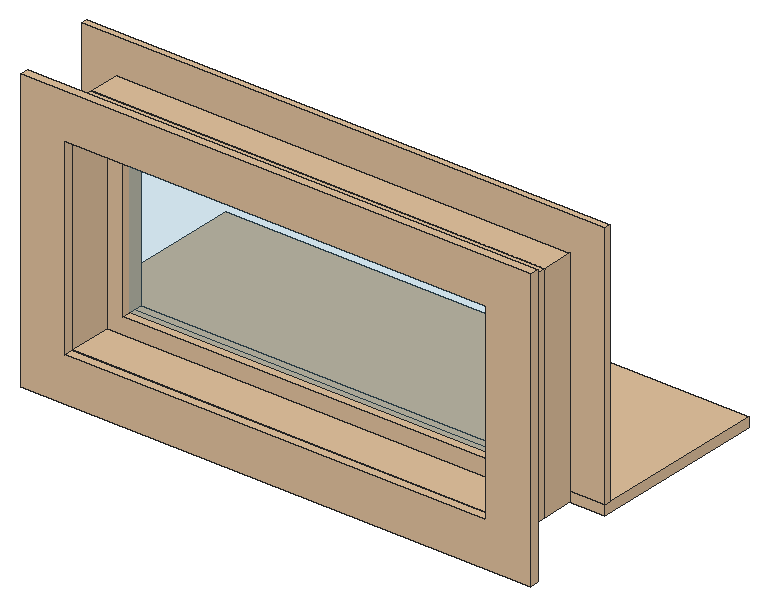
Revit family "M_Estante leve externa", category Janelas, Revit 2019
Family settings
  Hospedeiro = Parede
  ID de item do Seek = Light Shelf Exterior-0000-CAN-ENU
  Sempre na vertical = Sim
  Corte com vazios quando carregada = Não
  Compartilhado = Não
  Ponto de cálculo do ambiente = Não
Parameters (values of type "Prateleira 350 mm")
  Projeção da prateleira = 350 mm
  Assembly Code = ""
  Material do painel de vidro = Vidro
  Altura = 450 mm
  Material do caixilho = Caixilho
  Altura-padrão do peitoril = 2100 mm
  Material da apara externa = Recortar
  Material da apara interna = Recortar
  Projeção da apara - Ext. = 12.5 mm
  Projeção da apara - Int. = 19 mm
  Largura da apara - Exterior = 89 mm
  Largura da apara - Interior = 89 mm
  Fechamento da parede = Por hospedeiro
  Largura = 915 mm
  Janela aplicada = 19 mm
Reference planes
  plane 1: y = 0
  plane 2: z = 0
  plane 3 "Centro": x = -38.1
  plane 4 "Esquerda": x = -495.6
  plane 5 "Direita": x = 419.4
  plane 6 "Peitoril": z = 2100
  plane 7 "Superior": z = 2550
  plane 8: y = 76.2
  plane 9: y = -76.2
  plane 10: y = 57.2
  plane 11: x = -476.55
  plane 12: x = -463.85
  plane 13: x = 400.35
  plane 14: x = 387.65
  plane 15: x = -565.55
  plane 16: x = -552.85
  plane 17: x = 476.65
  plane 18: x = 489.35
  plane 19: z = 2619.95
  plane 20: z = 2530.95
  plane 21: z = 2518.25
  plane 22: z = 2607.25
  plane 23: z = 2131.75
  plane 24: z = 2042.75
  plane 25 "Fechamento": y = 34.975
Forms (mm)
  Extrusion 1, solid, material "Caixilho" <- "Material do caixilho"
    sketch origin (0, 0, 0) x (1, 0, 0) y (0, 0, 1)
      loop
        line (-495.6, 2550) -> (-495.6, 2100) -> (419.4, 2100) -> (419.4, 2550) -> (-495.6, 2550)
      loop
        line (-476.55, 2530.95) -> (-476.55, 2119.05) -> (400.35, 2119.05) -> (400.35, 2530.95) -> (-476.55, 2530.95)
    from -76.2 to -12.75
  Extrusion 2, solid, material "Caixilho" <- "Material do caixilho"
    sketch origin (0, 0, 0) x (-1, 0, 0) y (0, 0, 1)
      loop
        line (-419.4, 2550) -> (-419.4, 2100) -> (495.6, 2100) -> (495.6, 2550) -> (-419.4, 2550)
      loop
        line (-387.65, 2518.25) -> (-387.65, 2131.75) -> (463.85, 2131.75) -> (463.85, 2518.25) -> (-387.65, 2518.25)
    from 12.75 to -76.2
  Extrusion 3, solid, material "Caixilho" <- "Material do caixilho"
    sketch origin (0, 0, 0) x (-1, 0, 0) y (0, 0, 1)
      loop
        line (-400.35, 2530.95) -> (-400.35, 2119.05) -> (476.55, 2119.05) -> (476.55, 2530.95) -> (-400.35, 2530.95)
      loop
        line (-355.9, 2486.5) -> (-355.9, 2163.5) -> (432.1, 2163.5) -> (432.1, 2486.5) -> (-355.9, 2486.5)
    from 12.75 to 57.2
  Extrusion 4, solid, material "Vidro" <- "Material do painel de vidro"
    sketch origin (-124.971, 0, -117.036) x (1, 0, 0) y (0, 0, 1)
      loop
        line (-307.129, 2603.536) -> (-307.129, 2280.536) -> (480.871, 2280.536) -> (480.871, 2603.536) -> (-307.129, 2603.536)
    from -41.325 to -28.625
  Extrusion 5, solid, material "Recortar" <- "Material da apara interna"
    sketch origin (0, 0, 0) x (1, 0, 0) y (0, 0, 1)
      loop
        line (-463.85, 2518.25) -> (-463.85, 2131.75) -> (387.65, 2131.75) -> (387.65, 2518.25) -> (-463.85, 2518.25)
      loop
        line (-552.85, 2607.25) -> (-552.85, 2042.75) -> (476.65, 2042.75) -> (476.65, 2607.25) -> (-552.85, 2607.25)
    from 76.2 to 95.2
  Extrusion 6, solid, material "Recortar" <- "Material da apara externa"
    sketch origin (0, 0, 0) x (-1, 0, 0) y (0, 0, 1)
      loop
        line (-400.35, 2530.95) -> (476.55, 2530.95) -> (476.55, 2119.05) -> (565.55, 2119.05) -> (565.55, 2619.95) -> (-489.35, 2619.95) -> (-489.35, 2119.05) -> (-400.35, 2119.05) -> (-400.35, 2530.95)
    from 76.2 to 88.7
  Extrusion 7, solid, material "Recortar" <- "Material da apara externa"
    sketch origin (0, 0, 0) x (-1, 0, 0) y (0, 0, 1)
      loop
        line (-489.35, 2119.05) -> (-489.35, 2100) -> (565.55, 2100) -> (565.55, 2119.05) -> (-489.35, 2119.05)
    from 76.2 to 438.7
Lines and regions (mm)
  Opening 1
    outline origin (-1524, -76.2, 0) x (1, 0, 0) y (0, 0, 1)
      loop
        line (1028.4, 2550) -> (1028.4, 2100) -> (1943.4, 2100) -> (1943.4, 2550) -> (1028.4, 2550)
  symbolic lines, style "WindowsFrameMullionProjection"
    curve 1: line (-495.6, 76.2, 0) -> (-476.55, 76.2, 0)
    curve 2: line (-476.55, 12.75, 0) -> (-476.55, 76.2, 0)
    curve 3: line (-476.55, 12.75, 0) -> (-463.85, 12.75, 0)
    curve 4: line (-463.85, -76.2, 0) -> (-463.85, 12.75, 0)
    curve 5: line (419.4, 76.2, 0) -> (400.35, 76.2, 0)
    curve 6: line (387.65, 12.75, 0) -> (387.65, -76.2, 0)
    curve 7: line (387.65, 12.75, 0) -> (400.35, 12.75, 0)
    curve 8: line (400.35, 12.75, 0) -> (400.35, 76.2, 0)
    curve 9: line (-476.55, 57.2, 0) -> (-432.1, 57.2, 0)
    curve 10: line (-476.55, 57.2, 0) -> (-476.55, 12.75, 0)
    curve 11: line (-476.55, 12.75, 0) -> (-432.1, 12.75, 0)
    curve 12: line (-432.1, 57.2, 0) -> (-432.1, 12.75, 0)
    curve 13: line (400.35, 57.2, 0) -> (355.9, 57.2, 0)
    curve 14: line (400.35, 57.2, 0) -> (400.35, 12.75, 0)
    curve 15: line (400.35, 12.75, 0) -> (355.9, 12.75, 0)
    curve 16: line (355.9, 57.2, 0) -> (355.9, 12.75, 0)
    curve 18: line (-463.85, -76.2, 0) -> (-495.6, -76.2, 0)
    curve 19: line (387.65, -76.2, 0) -> (419.4, -76.2, 0)
  symbolic lines, style "WindowsGlassProjection"
    curve 17: line (-432.1, 34.975, 0) -> (355.9, 34.975, 0)
Text (mm)
  text "EXTERIOR" at (-1437.207, 1354.346, 0), in view "Linha do piso"
  text "INTERIOR" at (-1490.695, -895.805, 0), in view "Linha do piso"
  text "Exterior" at (0, 1108.87, 3415.022), in view "Esquerda"
  text "Exterior" at (0, 464.664, 3176.206), in view "Direita"
Dimensions and locks
  equal spacing: plane 4 "Esquerda", plane 3 "Centro", plane 5 "Direita"
  "Largura": plane 4 "Esquerda" to plane 5 "Direita"
  plane 2 to plane 24 to plane 6 "Peitoril" to plane 21 to plane 7 "Superior" = 2042.75 mm, 57.25 mm, 418.25 mm, 31.75 mm
  "Janela aplicada": plane 8 to plane 10
  locked: plane 10 to Extrusion 3 at 44.45
  locked: plane 10 to Extrusion 4 at 15.875
  locked: Extrusion 4 to Extrusion 4 at 12.7
  "Projeção da apara - Int.": Extrusion 5 to Extrusion 5
  "Projeção da apara - Ext.": Extrusion 6 to Extrusion 6
  locked: Extrusion 7 sketch curve to Extrusion 1 at 19.05
  "Projeção da prateleira": Extrusion 7 to Extrusion 6
  locked: plane 4 "Esquerda" to plane 11 at 19.05
  locked: plane 13 to plane 5 "Direita" at 19.05
  locked: plane 14 to plane 5 "Direita" at 31.75
  locked: plane 4 "Esquerda" to plane 12 at 31.75
  "Largura da apara - Exterior": plane 13 to plane 18
  "Largura da apara - Exterior": plane 15 to plane 11
  locked: plane 20 to plane 7 "Superior" at 19.05
  "Largura da apara - Exterior": plane 20 to plane 19
  "Largura da apara - Interior": plane 16 to plane 12
  "Largura da apara - Interior": plane 14 to plane 17
  locked: plane 7 "Superior" to plane 21 at 31.75
  "Largura da apara - Interior": plane 22 to plane 21
  locked: plane 23 to plane 6 "Peitoril" at 31.75
  "Largura da apara - Interior": plane 23 to plane 24
  "Altura": plane 7 "Superior" to plane 6 "Peitoril"
  "Altura-padrão do peitoril": plane 6 "Peitoril" to plane 2
  locked: plane 25 "Fechamento" to plane 10 at 22.225
  aligned and locked: plane 7 "Superior" to Opening 1 sketch curve
  aligned and locked: plane 6 "Peitoril" to Opening 1 sketch curve  (x2)
  aligned and locked: plane 5 "Direita" to Opening 1 sketch curve
  aligned and locked: plane 4 "Esquerda" to Opening 1 sketch curve
  aligned and locked: plane 9 to host wall
  aligned and locked: host wall to Extrusion 2
  aligned and locked: plane 10 to Extrusion 3
  aligned and locked: plane 8 to host wall
  aligned and locked: host wall to Extrusion 1
  aligned and locked: Extrusion 2 to Extrusion 1
  aligned and locked: Extrusion 1 to Extrusion 3
  aligned and locked: Extrusion 4 sketch curve to Extrusion 3  (x4)
  aligned and locked: curve 5 to Extrusion 1  (x2)
  aligned and locked: curve 6 to Extrusion 2
  aligned and locked: curve 4 to Extrusion 2
  aligned and locked: curve 16 to Extrusion 3
  aligned and locked: Extrusion 1 to curve 11
  aligned and locked: Extrusion 1 to curve 7
  aligned and locked: Extrusion 5 sketch curve to Extrusion 2  (x4)
  aligned and locked: Extrusion 5 to host wall
  aligned and locked: Extrusion 6 sketch curve to Extrusion 1  (x4)
  aligned and locked: Extrusion 6 to host wall
  aligned and locked: Extrusion 7 sketch curve to Extrusion 6  (x2)
  aligned and locked: Extrusion 7 to host wall
Automatic sketch dimensions
  Extrusion 1 sketch curve to plane 4 "Esquerda" = 0 mm
  Extrusion 1 sketch curve to plane 5 "Direita" = 0 mm
  Extrusion 1 sketch curve to plane 4 "Esquerda" = 19.05 mm
  plane 5 "Direita" to Extrusion 1 sketch curve = 19.05 mm
  Extrusion 1 sketch curve to plane 6 "Peitoril" = 0 mm
  Extrusion 1 sketch curve to plane 7 "Superior" = 0 mm
  Extrusion 1 sketch curve to plane 6 "Peitoril" = 19.05 mm
  plane 7 "Superior" to Extrusion 1 sketch curve = 19.05 mm
  Extrusion 2 sketch curve to plane 5 "Direita" = 0 mm
  Extrusion 2 sketch curve to plane 4 "Esquerda" = 0 mm
  plane 5 "Direita" to Extrusion 2 sketch curve = 31.75 mm
  Extrusion 2 sketch curve to plane 4 "Esquerda" = 31.75 mm
  Extrusion 2 sketch curve to plane 6 "Peitoril" = 0 mm
  Extrusion 2 sketch curve to plane 7 "Superior" = 0 mm
  Extrusion 2 sketch curve to plane 6 "Peitoril" = 31.75 mm
  plane 7 "Superior" to Extrusion 2 sketch curve = 31.75 mm
  plane 5 "Direita" to Extrusion 3 sketch curve = 19.05 mm
  plane 5 "Direita" to Extrusion 3 sketch curve = 63.5 mm
  Extrusion 3 sketch curve to plane 4 "Esquerda" = 63.5 mm
  Extrusion 3 sketch curve to plane 4 "Esquerda" = 19.05 mm
  Extrusion 3 sketch curve to plane 6 "Peitoril" = 19.05 mm
  Extrusion 3 sketch curve to plane 6 "Peitoril" = 63.5 mm
  plane 7 "Superior" to Extrusion 3 sketch curve = 63.5 mm
  plane 7 "Superior" to Extrusion 3 sketch curve = 19.05 mm
  curve 18 to plane 4 "Esquerda" = 0 mm
  curve 1 to plane 4 "Esquerda" = 0 mm
  curve 2 to plane 8 = 0 mm
  curve 10 to plane 10 = 0 mm
  curve 13 to plane 10 = 0 mm
  curve 19 to plane 5 "Direita" = 0 mm
  curve 1 to curve 2 = 19.05 mm
  curve 9 to curve 12 = 44.45 mm
  plane 5 "Direita" to curve 13 = 19.05 mm
  curve 19 to plane 9 = 0 mm
  curve 4 to plane 9 = 0 mm
  curve 11 to curve 17 = 22.225 mm
  Extrusion 7 sketch curve to plane 15 = 0 mm
  Extrusion 5 sketch curve to plane 16 = 0 mm
  Extrusion 5 sketch curve to plane 17 = 0 mm
  Extrusion 5 sketch curve to plane 24 = 0 mm
  Extrusion 5 sketch curve to plane 22 = 0 mm
  Extrusion 6 sketch curve to plane 18 = 0 mm
  Extrusion 6 sketch curve to plane 15 = 0 mm
  Extrusion 6 sketch curve to plane 19 = 0 mm
  Extrusion 6 sketch curve to plane 6 "Peitoril" = 19.05 mm
